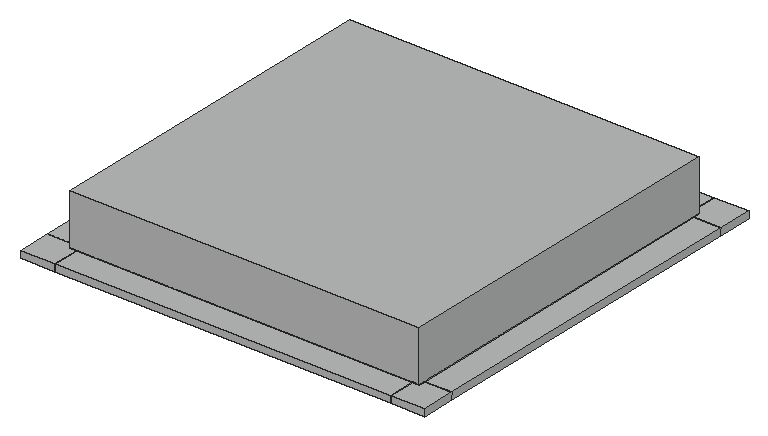
Revit family "ALUMOGIPS", category Осветительные приборы, Revit 2019 (continued)
Types (72, lengths in mm): name | Файл фотометрической сетки | built-in parameter 1150105 | Lumens | built-in parameter 1150106 | built-in parameter 1150142 | Wattage | Emit from Rectangle Width | Emit from Rectangle Length | Длина | Материал светильника | Ширина | ADSK_Ток | ADSK_Полная мощность | ADSK_Обозначение | ADSK_Номинальная мощность | ADSK_Наименование | ADSK_Масса | ADSK_Код изделия
    0.098 0.098 0.000 0.000 0.000 0.000 \r\n1417.637 1417.044 1413.295 1407.474 1398.890 1388.135 1374.815 1358.437 1340.184 1319.661 1296.869 1271.808 1244.971 1216.258 1185.673 1153.507 1120.158 1085.131 \r\n1048.823 1011.329 973.046 933.284 893.127 851.884 810.741 768.314 725.888 683.165 639.752 596.240 552.728 509.019 465.902 422.686 379.371 337.044 295.505 254.757 215.388 176.909 \r\n138.232 103.698 70.942 40.157 12.136 0.592 0.592 0.592 0.493 0.493 0.493 0.493 0.493 0.493 0.493 0.395 0.395 0.395 0.395 0.395 0.395 0.395 0.395 0.296 0.296 0.296 0.296 0.296 0.296 0.296 0.296 0.197 \r\n0.197 0.197 0.197 0.197 0.197 0.197 0.197 0.098 0.098 0.098 0.098 0.098 0.098 0.098 0.098 0.000 0.000 0.000 0.000 \r\n1417.637 1416.946 1413.197 1407.376 1398.693 1387.839 1374.520 1358.042 1339.789 1319.168 1296.376 1271.315 1244.477 1215.765 1185.179 1152.915 1119.566 1084.539 \r\n1048.230 1010.638 972.356 932.594 892.436 851.194 810.050 767.623 725.197 682.474 639.160 595.649 552.038 508.427 465.310 422.094 378.878 336.550 295.111 254.362 214.895 176.514 \r\n137.935 103.403 70.744 39.960 11.939 0.592 0.592 0.592 0.493 0.493 0.493 0.493 0.493 0.493 0.493 0.395 0.395 0.395 0.395 0.395 0.395 0.395 0.395 0.296 0.296 0.296 0.296 0.296 0.296 0.296 0.296 0.197 \r\n0.197 0.197 0.197 0.197 0.197 0.197 0.197 0.098 0.098 0.098 0.098 0.098 0.098 0.098 0.098 0.000 0.000 0.000 0.000 \r\n1417.637 1416.946 1413.098 1407.178 1398.495 1387.544 1374.223 1357.747 1339.395 1318.773 1295.882 1270.822 1243.886 1215.174 1184.587 1152.323 1118.974 1083.848 \r\n1047.540 1009.947 971.665 931.903 891.746 850.503 809.359 766.933 724.507 681.784 638.470 594.958 551.445 507.836 464.718 421.502 378.287 336.057 294.617 253.967 214.500 176.119 \r\n137.640 103.106 70.447 39.762 11.741 0.592 0.592 0.592 0.493 0.493 0.493 0.493 0.493 0.493 0.493 0.395 0.395 0.395 0.395 0.395 0.395 0.395 0.395 0.296 0.296 0.296 0.296 0.296 0.296 0.296 0.296 0.197 \r\n0.197 0.197 0.197 0.197 0.197 0.197 0.197 0.098 0.098 0.098 0.098 0.098 0.098 0.098 0.098 0.000 0.000 0.000 0.000 \r\n1417.637 1416.848 1412.999 1407.079 1398.298 1387.247 1373.829 1357.352 1339.000 1318.378 1295.488 1270.327 1243.392 1214.680 1183.995 1151.731 1118.283 1083.257 \r\n1046.849 1009.257 970.975 931.113 891.055 849.813 808.668 766.242 723.914 681.093 637.779 594.266 550.755 507.145 464.126 421.009 377.793 335.564 294.222 253.474 214.105 175.823 \r\n137.343 102.810 70.250 39.467 11.445 0.592 0.592 0.592 0.493 0.493 0.493 0.493 0.493 0.493 0.493 0.395 0.395 0.395 0.395 0.395 0.395 0.395 0.395 0.296 0.296 0.296 0.296 0.296 0.296 0.296 0.296 0.197 \r\n0.197 0.197 0.197 0.197 0.197 0.197 0.197 0.098 0.098 0.098 0.098 0.098 0.098 0.098 0.098 0.000 0.000 0.000 0.000 \r\n1417.637 1416.848 1412.901 1406.882 1398.002 1387.051 1373.533 1356.957 1338.605 1317.983 1294.994 1269.834 1242.899 1214.089 1183.403 1151.041 1117.692 1082.665 \r\n1046.257 1008.566 970.284 930.423 890.266 849.121 807.978 765.552 723.224 680.403 637.187 593.675 550.163 506.553 463.534 420.416 377.300 335.071 293.729 253.079 213.712 175.429 \r\n136.949 102.515 69.954 39.269 11.248 0.592 0.592 0.592 0.493 0.493 0.493 0.493 0.493 0.493 0.493 0.395 0.395 0.395 0.395 0.395 0.395 0.395 0.395 0.296 0.296 0.296 0.296 0.296 0.296 0.296 0.296 0.197 \r\n0.197 0.197 0.197 0.197 0.197 0.197 0.197 0.098 0.098 0.098 0.098 0.098 0.098 0.098 0.098 0.000 0.000 0.000 0.000 \r\n1417.637 1416.749 1412.802 1406.684 1397.805 1386.754 1373.237 1356.661 1338.210 1317.589 1294.599 1269.341 1242.406 1213.496 1182.811 1150.448 1117.099 1081.974 \r\n1045.566 1007.974 969.593 929.732 889.575 848.333 807.287 764.861 722.533 679.712 636.496 592.985 549.472 505.960 462.942 419.825 376.707 334.577 293.236 252.684 213.317 175.034 \r\n136.652 102.218 69.659 39.072 11.051 0.592 0.592 0.592 0.493 0.493 0.493 0.493 0.493 0.493 0.493 0.395 0.395 0.395 0.395 0.395 0.395 0.395 0.395 0.296 0.296 0.296 0.296 0.296 0.296 0.296 0.296 0.197 \r\n0.197 0.197 0.197 0.197 0.197 0.197 0.197 0.098 0.098 0.098 0.098 0.098 0.098 0.098 0.098 0.000 0.000 0.000 0.000 \r\n1417.637 1416.749 1412.704 1406.586 1397.607 1386.458 1372.941 1356.266 1337.815 1317.095 1294.106 1268.848 1241.813 1213.003 1182.219 1149.856 1116.409 1081.382 \r\n1044.876 1007.283 968.902 929.042 888.885 847.642 806.597 764.170 721.843 679.120 635.806 592.293 548.881 505.368 462.351 419.332 376.214 334.084 292.841 252.191 212.922 174.738 \r\n136.357 101.922 69.461 38.776 10.853 0.592 0.592 0.592 0.493 0.493 0.493 0.493 0.493 0.493 0.493 0.395 0.395 0.395 0.395 0.395 0.395 0.395 0.395 0.296 0.296 0.296 0.296 0.296 0.296 0.296 0.296 0.197 \r\n0.197 0.197 0.197 0.197 0.197 0.197 0.197 0.098 0.098 0.098 0.098 0.098 0.098 0.098 0.098 0.000 0.000 0.000 0.000 \r\n1417.637 1416.650 1412.604 1406.389 1397.311 1386.162 1372.546 1355.871 1337.421 1316.701 1293.613 1268.355 1241.320 1212.411 1181.627 1149.265 1115.816 1080.691 \r\n1044.284 1006.593 968.212 928.351 888.194 846.951 805.906 763.479 721.151 678.429 635.213 591.702 548.190 504.777 461.758 418.740 375.721 333.591 292.348 251.796 212.527 174.343 \r\n135.962 101.627 69.165 38.579 10.557 0.592 0.592 0.592 0.493 0.493 0.493 0.493 0.493 0.493 0.493 0.395 0.395 0.395 0.395 0.395 0.395 0.395 0.395 0.296 0.296 0.296 0.296 0.296 0.296 0.296 0.296 0.197 \r\n0.197 0.197 0.197 0.197 0.197 0.197 0.197 0.098 0.098 0.098 0.098 0.098 0.098 0.098 0.098 0.000 0.000 0.000 0.000 \r\n1417.637 1416.650 1412.506 1406.191 1397.114 1385.866 1372.250 1355.576 1337.027 1316.307 1293.218 1267.861 1240.827 1211.918 1181.035 1148.672 1115.225 1080.099 \r\n1043.593 1005.902 967.620 927.660 887.503 846.260 805.215 762.789 720.461 677.739 634.523 591.011 547.598 504.086 461.166 418.247 375.129 333.098 291.855 251.401 212.132 173.948 \r\n135.666 101.429 68.968 38.381 10.360 0.592 0.592 0.592 0.493 0.493 0.493 0.493 0.493 0.493 0.493 0.493 0.395 0.395 0.395 0.395 0.395 0.395 0.395 0.296 0.296 0.296 0.296 0.296 0.296 0.296 0.296 0.197 \r\n0.197 0.197 0.197 0.197 0.197 0.197 0.197 0.098 0.098 0.098 0.098 0.098 0.098 0.098 0.098 0.000 0.000 0.000 0.000 \r\n1417.637 1416.650 1412.407 1406.093 1396.917 1385.669 1371.954 1355.181 1336.632 1315.912 1292.725 1267.368 1240.334 1211.325 1180.443 1147.982 1114.633 1079.409 \r\n1042.903 1005.212 966.929 926.969 886.812 845.569 804.524 762.098 719.770 677.048 633.832 590.320 546.907 503.494 460.574 417.654 374.636 332.603 291.460 250.908 211.738 173.653 \r\n135.371 101.133 68.671 38.086 10.163 0.592 0.592 0.592 0.493 0.493 0.493 0.493 0.493 0.493 0.493 0.493 0.395 0.395 0.395 0.395 0.395 0.395 0.395 0.296 0.296 0.296 0.296 0.296 0.296 0.296 0.296 0.197 \r\n0.197 0.197 0.197 0.197 0.197 0.197 0.197 0.098 0.098 0.098 0.098 0.098 0.098 0.098 0.098 0.000 0.000 0.000 0.000 \r\n1417.637 1416.551 1412.309 1405.895 1396.621 1385.373 1371.559 1354.786 1336.237 1315.419 1292.232 1266.875 1239.742 1210.733 1179.851 1147.390 1113.942 1078.816 \r\n1042.310 1004.521 966.238 926.279 886.121 844.879 803.834 761.408 719.080 676.357 633.240 589.728 546.315 502.902 459.982 417.062 374.043 332.110 290.967 250.513 211.343 173.258 \r\n135.074 100.837 68.376 37.888 9.965 0.592 0.592 0.592 0.493 0.493 0.493 0.493 0.493 0.493 0.493 0.493 0.395 0.395 0.395 0.395 0.395 0.395 0.395 0.296 0.296 0.296 0.296 0.296 0.296 0.296 0.296 0.197 \r\n0.197 0.197 0.197 0.197 0.197 0.197 0.197 0.098 0.098 0.098 0.098 0.098 0.098 0.098 0.098 0.000 0.000 0.000 0.000 \r\n1417.637 1416.551 1412.111 1405.796 1396.423 1385.077 1371.264 1354.391 1335.842 1315.024 1291.837 1266.382 1239.248 1210.240 1179.259 1146.798 1113.350 1078.126 \r\n1041.620 1003.831 965.548 925.588 885.431 844.090 803.143 760.717 718.389 675.666 632.549 589.038 545.723 502.310 459.390 416.569 373.550 331.617 290.474 250.119 210.948 172.863 \r\n134.679 100.541 68.178 37.591 9.669 0.592 0.592 0.592 0.493 0.493 0.493 0.493 0.493 0.493 0.493 0.493 0.395 0.395 0.395 0.395 0.395 0.395 0.395 0.296 0.296 0.296 0.296 0.296 0.296 0.296 0.296 0.197 \r\n0.197 0.197 0.197 0.197 0.197 0.197 0.197 0.098 0.098 0.098 0.098 0.098 0.098 0.098 0.098 0.000 0.000 0.000 0.000 \r\n1417.637 1416.453 1412.013 1405.600 1396.226 1384.781 1370.968 1354.095 1335.448 1314.629 1291.344 1265.888 1238.754 1209.648 1178.667 1146.206 1112.758 1077.534 \r\n1040.929 1003.140 964.857 924.898 884.740 843.400 802.453 760.026 717.698 674.976 631.859 588.446 545.032 501.718 458.798 415.977 373.057 331.124 290.079 249.625 210.553 172.567 \r\n134.383 100.245 67.883 37.394 9.472 0.592 0.592 0.592 0.493 0.493 0.493 0.493 0.493 0.493 0.493 0.493 0.395 0.395 0.395 0.395 0.395 0.395 0.395 0.296 0.296 0.296 0.296 0.296 0.296 0.296 0.296 0.197 \r\n0.197 0.197 0.197 0.197 0.197 0.197 0.197 0.098 0.098 0.098 0.098 0.098 0.098 0.098 0.098 0.000 0.000 0.000 0.000 \r\n1417.637 1416.453 1411.914 1405.402 1395.930 1384.583 1370.671 1353.701 1335.053 1314.234 1290.850 1265.395 1238.261 1209.155 1178.075 1145.515 1112.067 1076.844 \r\n1040.239 1002.548 964.167 924.207 883.951 842.708 801.762 759.336 717.008 674.383 631.267 587.755 544.441 501.126 458.206 415.385 372.465 330.631 289.585 249.231 210.160 172.172 \r\n134.088 99.949 67.685 37.198 9.275 0.592 0.592 0.592 0.493 0.493 0.493 0.493 0.493 0.493 0.493 0.493 0.395 0.395 0.395 0.395 0.395 0.395 0.395 0.296 0.296 0.296 0.296 0.296 0.296 0.296 0.296 0.197 \r\n0.197 0.197 0.197 0.197 0.197 0.197 0.197 0.098 0.098 0.098 0.098 0.098 0.098 0.098 0.098 0.000 0.000 0.000 0.000 \r\n1417.637 1416.354 1411.816 1405.303 1395.733 1384.288 1370.276 1353.307 1334.658 1313.741 1290.456 1264.901 1237.669 1208.563 1177.582 1144.923 1111.476 1076.252 \r\n1039.646 1001.857 963.476 923.417 883.260 842.018 801.072 758.644 716.317 673.693 630.576 587.064 543.749 500.435 457.614 414.891 371.972 330.137 289.191 248.836 209.765 171.778 \r\n133.693 99.653 67.389 36.901 9.077 0.592 0.592 0.592 0.493 0.493 0.493 0.493 0.493 0.493 0.493 0.493 0.395 0.395 0.395 0.395 0.395 0.395 0.395 0.296 0.296 0.296 0.296 0.296 0.296 0.296 0.296 0.197 \r\n0.197 0.197 0.197 0.197 0.197 0.197 0.197 0.098 0.098 0.098 0.098 0.098 0.098 0.098 0.098 0.000 0.000 0.000 0.000 \r\n" | 25.582 W | 275 | 1175 | 1195 | RAL 9001 | 295 | 0.179584 A | 41.3043 VA | "Alumogips-38/opal-sand 295х1195 (IP54, 4000К, белый)" | 38 W | "Встраиваемый светодиодный светильник Alumogips-38/opal-sand 295х1195 (IP54, 4000К, белый)" | 2.5 | "ЦБ000007944"
